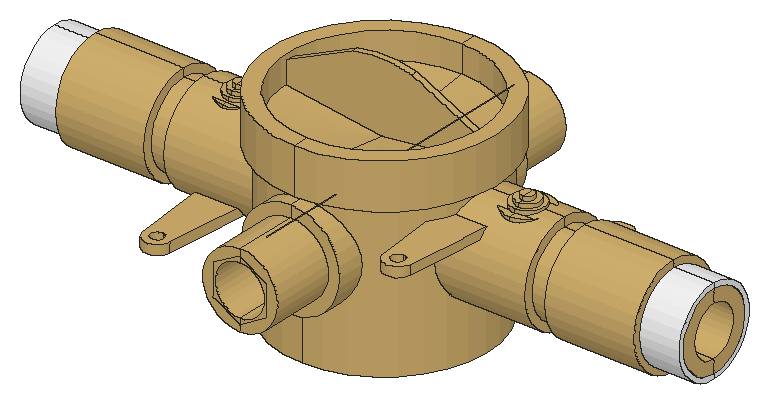
Revit family "Pressure_Balance_Rough_Valve-GROHE-35114000", category Plumbing Fixtures, host Face, Revit 2016
Family settings
  Host = Face
  Part Type = Normal
  Round Connector Dimension = Use Diameter
  OmniClass Number = 23.45.05.14.17
  OmniClass Title = Showers
  Cut with Voids When Loaded = Yes
  Shared = Yes
  Room Calculation Point = No
Parameters (values of type "GROHSAFE 3.0 - 35114000 1/2" NPT Outlet")
  Water Connection Diameter = 1/2"  # constant formula
  Waste Connection = no
  Warranty Information = ""
  WFU = 4  # constant formula
  Vent Connection = no
  URL = "www.grohe.ca"
  Type Comments = ""
  Specification = " 1/2in CPVC inlets; 1/2in Universal outlets; Includes plug for 3-port installation; Universal connection is 1/2” male threads by copper sweat; Flush plug included; Can be tested using flush plug with air (200 psi) or water 300 psi; Made of DZR Brass; Service stops; Cartridge ships with the trim"  # constant formula
  Shower Outlet To Spout Outlet Width = 3 5/8"  # constant formula
  ScrewDriver Stop = yes
  Product Page URL = ""
  Product Documentation Link = ""
  Price = "Prices may vary. Please consult Manufacturer Representative for most up-to-date price list."  # constant formula
  Plaster Guard = yes
  Outlet to Wall = 2"
  Outlet to Outlet = 3 5/8"
  Outlet To Center = Shower Outlet To Spout Outlet Width / 2  # 1 13/16"
  Model = "35114000"  # constant formula
  Material = "DZR_Brass-Grohe"
  Manufacturer = "Grohe"  # constant formula
  Installation Type = "Wall Mounted"  # constant formula
  Inlet to Wall = 1"
  Inlet To Center = Hot Inlet To Cold Inlet Width / 2  # 3 5/16"
  Hot Inlet To Cold Inlet Width = 6 5/8"
  HWFU = 3  # constant formula
  HW Connection = yes
  Finish = DZR_Brass-Grohe
  Description = "Pressure Balance Valve Rough with CPVC with Service Stops"  # constant formula
  Dept From Wall Face To Outlet = if(Outlet to Wall < 1 3/4", 1 3/4", if(Outlet to Wall > 2 3/4", 2 3/4", Outlet to Wall))  # 2"
  Dept From Wall Face To COFC = if(Inlet to Wall < 7/8", 7/8", if(Inlet to Wall > 2", 2", Inlet to Wall))  # 1"
  Default Elevation = 0"  # constant formula
  Creation Date = "03/20/2020"  # constant formula
  Connection Size = 1/2"  # constant formula
  Connection Outlet Description = "1/2\" NPT Connection Outlet"
  Connection HW Inlet Description = "1/2” CPVC Connection Inlet"
  Connection CW Inlet Description = "1/2” CPVC Connection Inlet"
  CWFU = 3  # constant formula
  CW Connection = yes
  Assembly Code = "D2020300"
Types (3): name | Connection Outlet Description
  (no name) | "1/2\" NPT Connection Outlet"
  GROHSAFE 3.0 - 35114000 1/2" Copper Sweat Outlet | "1/2\" Copper Sweat Connection Outlet"
  GROHSAFE 3.0 - 35114000 1/2" NPT Outlet | "1/2\" NPT Connection Outlet"
Reference planes (in)
  plane 1 "Center (Front/Back)": y = -0.625
  plane 2: z = 0
  plane 3 "Center (Left/Right)": x = 0
  plane 4: z = -0.45494
  plane 5: y = -0.59375
  plane 6: y = -0.65625
  plane 7: y = -2.4375
  plane 8: y = 1.1875
  plane 9: z = -2
  plane 10: z = -1
  plane 11: x = 1.03125
  plane 12: x = -1.03125
  plane 13: x = 2.4375
  plane 14: x = -2.4375
  plane 15: z = -1.27344
Forms (in)
  Extrusion 1, solid
    sketch origin (0, 0, 0) x (1, 0, 0) y (0, 1, 0)
      loop
        line (-0.12634, -0.50696) -> (-0.12634, -0.76768) -> (0.16418, -0.76768) -> (0.16418, -0.50696) -> (-0.12634, -0.50696)
    from -0.69087 to -0.7969
  Revolve 2, solid, material "DZR_Brass-Grohe"
    sketch origin (0, 0, 0) x (0, 1, 0) y (0, 0, 1)
      loop
        line (0.40625, -2) -> (0.40625, -0.45494) -> (0.5046, -0.45494) -> (0.5046, 0) -> (0.34375, 0) -> (0.34375, -0.26863) -> (-0.625, -0.39363) -> (-0.625, -0.51744) -> (0.34375, -0.51744) -> (0.34375, -1.9375) -> (-0.625, -1.9375) -> (-0.625, -2) -> (0.40625, -2)
      axis (-0.625, 0) -> (-0.625, -2)
    angle from 0 to 360
  Extrusion 3, solid, material "DZR_Brass-Grohe"
    sketch origin (0, 1.1875, -0.69922) x (0, 1, 0) y (-1, 0, 0)
      loop
        line (-0.63558, 1.20343) -> (-1.8125, 1.31847) -> (-1.8125, 0.81724) -> (-0.63558, 0.93227)
        arc (-0.63558, 0.93227) -> (-0.5126, 1.06785) -> (-0.63558, 1.20343) r 0.13623
      loop
        circle (-0.64883, 1.06785) r 0.06518
      loop
        line (-2.98942, -1.20343) -> (-1.8125, -1.31847) -> (-1.8125, -0.81724) -> (-2.98942, -0.93227)
        arc (-2.98942, -0.93227) -> (-3.1124, -1.06785) -> (-2.98942, -1.20343) r 0.13623
      loop
        circle (-2.97617, -1.06785) r 0.06518
    from -0.01953 to 0.07575
  Extrusion 4, solid, material "DZR_Brass-Grohe", visible <- "Plaster Guard"
    sketch origin (0, -5.06165, -1.98606) x (0, -1, 0) y (1, 0, 0)
      loop
        arc (-3.25973, -1.48468) -> (-3.13676, -1.3491) -> (-3.25973, -1.21352) r 0.13623
        line (-3.25973, -1.21352) -> (-4.43665, -1.09849) -> (-4.43665, -1.59972) -> (-3.25973, -1.48468)
      loop
        circle (-3.27298, -1.3491) r 0.06518
      loop
        arc (-5.61357, 1.54718) -> (-5.73655, 1.4116) -> (-5.61357, 1.27602) r 0.13623
        line (-5.61357, 1.27602) -> (-4.43665, 1.16099) -> (-4.43665, 1.66222) -> (-5.61357, 1.54718)
      loop
        circle (-5.60032, 1.4116) r 0.06518
    from 0.61857 to 0.71262
  Extrusion 5, solid, material "DZR_Brass-Grohe"
    sketch origin (0, -0.625, 0) x (1, 0, 0) y (0, 0, 1)
      loop
        line (1.06785, -0.45494) -> (1.06785, -0.09479) -> (0.29629, 0.26499)
        arc (0.29629, 0.26499) -> (0, 0.30738) -> (-0.29629, 0.26499) r 1.05669
        line (-0.29629, 0.26499) -> (-1.06785, -0.09479) -> (-1.06785, -0.45494) -> (1.06785, -0.45494)
    from -0.03125 to 0.03125
  Revolve 6, solid, material "DZR_Brass-Grohe", visible <- "ScrewDriver Stop"
    sketch origin (-1.44285, -0.65886, 48.30811) x (0, -1, 0) y (0, 0, 1)
      loop
        line (-0.03386, -48.93159) -> (0.19474, -48.93159) -> (0.19474, -48.84071) -> (0.12322, -48.84071) -> (0.12322, -48.80071) -> (0.07947, -48.80071) -> (0.07947, -48.76585) -> (0.03078, -48.76585) -> (0.03078, -48.7303) -> (-0.03386, -48.7303) -> (-0.03386, -48.93159)
      axis (-0.03386, -48.93159) -> (-0.03386, -48.7303)
    angle from 0 to 360
  Revolve 7, solid, material "DZR_Brass-Grohe", visible <- "ScrewDriver Stop"
    sketch origin (1.44285, 2.2913, 48) x (0, 1, 0) y (0, 0, 1)
      loop
        line (-2.9163, -48.62347) -> (-2.9163, -48.41325) -> (-2.98094, -48.41325) -> (-2.98094, -48.4488) -> (-3.03483, -48.4488) -> (-3.03483, -48.48367) -> (-3.07858, -48.48367) -> (-3.07858, -48.52367) -> (-3.1501, -48.52367) -> (-3.1501, -48.62347) -> (-2.9163, -48.62347)
      axis (-2.9163, -48.62347) -> (-2.9163, -48.41325)
    angle from 0 to 360
  Revolve 8, solid, material "DZR_Brass-Grohe"
    sketch origin (0, -0.625, 0) x (1, 0, 0) y (0, 0, 1)
      loop
        line (3.3125, -0.75) -> (3.3125, -0.61818) -> (2.9049, -0.61818) -> (2.9049, -0.5) -> (2.01583, -0.5) -> (2.01583, -0.58459) -> (1.8125, -0.58459) -> (1.8125, -0.5) -> (-1.8125, -0.5) -> (-1.8125, -0.58459) -> (-2.01583, -0.58459) -> (-2.01583, -0.5) -> (-2.9049, -0.5) -> (-2.9049, -0.61818) -> (-3.3125, -0.61818) -> (-3.3125, -0.75) -> (3.3125, -0.75)
      axis (3.3125, -1) -> (-3.3125, -1)
    angle from 0 to 360
  Revolve 9, solid, material "DZR_Brass-Grohe"
    sketch origin (0, -0.625, 0) x (0, 1, 0) y (0, 0, 1)
      loop
        line (1.8125, -0.75) -> (1.8125, -0.6875) -> (1.8125, -0.625) -> (1.17692, -0.625) -> (1.17692, -0.50765) -> (-1.17692, -0.50765) -> (-1.17692, -0.625) -> (-1.8125, -0.625) -> (-1.8125, -0.6875) -> (-1.8125, -0.75) -> (1.8125, -0.75)
      axis (1.8125, -1) -> (-1.8125, -1)
    angle from 0 to 360
  Extrusion 10, void
    sketch origin (0, 1.1875, -0.72266) x (0, 1, 0) y (-1, 0, 0)
      loop
        circle (-1.8125, 0) r 2
    from -2.58468 to 0.72266
  Revolve 11, solid, material "PVC"
    sketch origin (0, -0.625, 0) x (1, 0, 0) y (0, 0, 1)
      loop
        line (-2.9049, -0.56682) -> (-3.3125, -0.56682) -> (-3.3125, -0.61818) -> (-2.9049, -0.61818) -> (-2.9049, -0.56682)
      axis (-3.3125, -1) -> (-2.9049, -1)
    angle from 0 to 360
  Revolve 12, solid, material "PVC"
    sketch origin (0, -0.625, 0) x (-1, 0, 0) y (0, 0, 1)
      loop
        line (-2.9049, -0.56682) -> (-3.3125, -0.56682) -> (-3.3125, -0.61818) -> (-2.9049, -0.61818) -> (-2.9049, -0.56682)
      axis (-3.3125, -1) -> (-2.9049, -1)
    angle from 0 to 360
Cuts and joins
  joined: Extrusion 3, Extrusion 5
Lines and regions (in)
  Masking region 1
    outline origin (0, 0, 0) x (0, 1, 0) y (0, 0, 1)
      loop
        line (0.5046, 0) -> (-0.59375, 0) -> (-0.59375, 0.30738) -> (-0.65625, 0.30738) -> (-0.65625, 0) -> (-1.7546, 0) -> (-1.7546, -0.45494) -> (-1.65625, -0.45494) -> (-1.65625, -0.50448) -> (-1.80192, -0.50448) -> (-1.80192, -0.62347) -> (-2.4375, -0.62347) -> (-2.4375, -0.6875) -> (-2.4375, -1.30469) -> (-2.4375, -1.36749) -> (-1.80192, -1.36749) -> (-1.80192, -1.49235) -> (-1.65625, -1.49235) -> (-1.65625, -2) -> (0.40625, -2) -> (0.40625, -1.49235) -> (0.55192, -1.49235) -> (0.55192, -1.36749) -> (1.1875, -1.36749) -> (1.1875, -1.30469) -> (1.1875, -0.6875) -> (1.1875, -0.62347) -> (0.55192, -0.62347) -> (0.55192, -0.50686) -> (0.40625, -0.50686) -> (0.40625, -0.45494) -> (0.5046, -0.45494) -> (0.5046, 0)
  Masking region 2
    outline origin (0, -0.625, 0) x (1, 0, 0) y (0, 0, 1)
      loop
        arc (0.29629, 0.26499) -> (0, 0.30738) -> (-0.29629, 0.26499) r 1.05669
        line (-0.29629, 0.26499) -> (-0.86457, 0) -> (-1.1296, 0) -> (-1.1296, -0.45494) -> (-1.03125, -0.45494) -> (-1.03125, -0.50027) -> (-1.23806, -0.50027) -> (-1.23806, -0.36738) -> (-1.63583, -0.36738) -> (-1.63583, -0.50027) -> (-1.8125, -0.50027) -> (-1.8125, -0.58245) -> (-2.01583, -0.58245) -> (-2.01583, -0.5) -> (-2.9049, -0.5) -> (-2.9049, -0.56682) -> (-3.3125, -0.56682) -> (-3.3125, -1.43318) -> (-2.9049, -1.43318) -> (-2.9049, -1.5) -> (-2.01583, -1.5) -> (-2.01583, -1.41755) -> (-1.8125, -1.41755) -> (-1.8125, -1.49973) -> (-1.03125, -1.49973) -> (-1.03125, -2) -> (1.03125, -2) -> (1.03125, -1.49973) -> (1.8125, -1.49973) -> (1.8125, -1.41755) -> (2.01583, -1.41755) -> (2.01583, -1.5) -> (2.9049, -1.5) -> (2.9049, -1.43318) -> (3.3125, -1.43318) -> (3.3125, -0.56682) -> (2.9049, -0.56682) -> (2.9049, -0.5) -> (2.01583, -0.5) -> (2.01583, -0.58245) -> (1.8125, -0.58245) -> (1.8125, -0.50027) -> (1.63583, -0.50027) -> (1.63583, -0.36738) -> (1.23806, -0.36738) -> (1.23806, -0.50027) -> (1.03125, -0.50027) -> (1.03125, -0.45494) -> (1.1296, -0.45494) -> (1.1296, 0) -> (0.86457, 0) -> (0.29629, 0.26499)
  symbolic lines, detail levels fine
    curve 1: line (0.86457, -0.625, 0) -> (-0.86457, -0.625, 0)
    curve 2: line (1.1296, -0.625, -0.45494) -> (0, -0.625, -0.45494)
    curve 3: line (0, -0.625, -0.45494) -> (-1.1296, -0.625, -0.45494)
    curve 4: circle (0, -0.625, -1) r 0.3125 normal (0, -1, 0)
    curve 5: circle (0, -0.625, -1) r 0.25 normal (0, -1, 0)
    curve 6: circle (0, -0.625, -1) r 0.375 normal (0, -1, 0)
    curve 7: line (0, 0.5046, -0.45494) -> (0, -1.7546, -0.45494)
    curve 8: circle (0, -0.625, -1) r 0.41541 normal (-1, 0, 0)
    curve 9: arc (0, -0.625, -0.75) -> (0, -0.375, -1) -> (0, -0.625, -1.25) r 0.25
    curve 10: circle (0, -0.625, -1) r 0.5 normal (-1, 0, 0)
    curve 11: circle (0, -0.625, -1) r 0.25 normal (-1, 0, 0)
    curve 12: line (-2.9049, -0.625, -0.5) -> (-2.9049, -0.625, -1.5)
    curve 13: line (2.9049, -0.625, -0.5) -> (2.9049, -0.625, -1.5)
    curve 14: line (2.01583, -0.625, -0.5) -> (2.01583, -0.625, -1.5)
    curve 15: line (-1.8125, -0.625, -0.5) -> (-1.8125, -0.625, -1.5)
    curve 16: line (1.8125, -0.625, -0.5) -> (1.8125, -0.625, -1.5)
    curve 17: line (-2.01583, -0.625, -0.5) -> (-2.01583, -0.625, -1.5)
Dimensions and locks (in)
  locked: Revolve 2 sketch curve to Revolve 2 sketch curve at 0.0625
  locked: cut or joined group of Extrusion 3, Extrusion 5 to cut or joined group of Extrusion 3, Extrusion 5 at 0.09528
  locked: Extrusion 4 to Extrusion 4 at 0.09405
  plane 4 to level = 0.45494"
  Revolve 7 sketch curve to Revolve 7 sketch curve to Revolve 7 sketch curve to Revolve 7 sketch curve to Revolve 7 sketch curve = 0.03555" locked, 0.03486" locked, 0.04" locked, 0.0998" locked
  Revolve 7 sketch curve to Revolve 7 sketch curve to Revolve 7 sketch curve to Revolve 7 sketch curve to Revolve 7 sketch curve = 0.06464" locked, 0.0539" locked, 0.04375" locked, 0.07151" locked
  Revolve 2 sketch curve to Revolve 2 sketch curve to Revolve 2 sketch curve to plane 1 "Center (Front/Back)" = 0.09835" locked, 1/16" locked, 31/32" locked
  Revolve 2 sketch curve to Revolve 2 sketch curve to Revolve 2 sketch curve = 1/16" locked, 0.45494"
  equal spacing: plane 8, plane 1 "Center (Front/Back)", plane 7
  "Dept From Wall Face To Outlet": level to plane 9
  "Dept From Wall Face To COFC": level to plane 10
  level to plane 10 = 1"
  plane 6 to plane 7 = 1 25/32"
  Extrusion 4 to Extrusion 4 = 0.09405"
  Revolve 7 sketch curve to Revolve 7 sketch curve = 0.21022"
  plane 10 to plane 15 = 35/128"  (x2)
  locked: cut or joined group of Extrusion 3, Extrusion 5 to plane 10 at 0.28125
  "Hot Inlet To Cold Inlet Width": Revolve 8 sketch curve to Revolve 8 sketch curve
  equal spacing: Revolve 8 sketch curve, plane 3 "Center (Left/Right)", Revolve 8 sketch curve
  "Outlet to Outlet": Revolve 9 sketch curve to Revolve 9 sketch curve
  locked: Revolve 8 sketch curve to Revolve 8 sketch curve at 0.25
  locked: Revolve 8 sketch curve to Revolve 8 sketch curve at 0.16541
  equal spacing: Revolve 9 sketch curve, plane 1 "Center (Front/Back)", Revolve 9 sketch curve
  Revolve 9 sketch curve to Revolve 9 sketch curve to Revolve 9 sketch curve = 1/8" locked, 0.11735" locked
  Revolve 6 sketch curve to Revolve 6 sketch curve to Revolve 6 sketch curve to Revolve 6 sketch curve = 0.03555" locked, 0.03486" locked, 0.04" locked
  Revolve 6 sketch curve to Revolve 6 sketch curve to Revolve 6 sketch curve to Revolve 6 sketch curve to Revolve 6 sketch curve = 0.06464" locked, 0.04869", 0.04375" locked, 0.07151" locked
  locked: Revolve 8 sketch curve to Revolve 8 sketch curve at 0.13182
  locked: Revolve 11 sketch curve to Revolve 8 at 0.4076
  locked: Revolve 8 to Revolve 12 sketch curve at 0.4076
  aligned and locked: plane 1 "Center (Front/Back)" to Revolve 2 sketch curve
  aligned and locked: Revolve 2 sketch curve to plane 1 "Center (Front/Back)"  (x2)
  aligned and locked: plane 1 "Center (Front/Back)" to Extrusion 3 sketch curve
  aligned and locked: Extrusion 5 to plane 5
  aligned and locked: Revolve 2 sketch curve to Revolve 2 sketch curve
  aligned and locked: Revolve 2 to curve 1
  aligned and locked: plane 10 to Revolve 8 sketch curve
  aligned and locked: Revolve 9 sketch curve to plane 10
  aligned and locked: Revolve 2 sketch curve to plane 9
  aligned and locked: plane 7 to Revolve 9 sketch curve
  aligned and locked: plane 4 to Revolve 2 sketch curve
  aligned and locked: Extrusion 4 to plane 15
  aligned and locked: level to Extrusion 10
  aligned and locked: curve 5 to Revolve 9
  aligned and locked: curve 6 to Revolve 9
  aligned and locked: Masking region 1 sketch curve to Revolve 2  (x7)
  aligned and locked: Masking region 1 sketch curve to Revolve 9  (x4)
  aligned and locked: Masking region 1 sketch curve to cut or joined group of Extrusion 3, Extrusion 5
  aligned and locked: Masking region 1 sketch curve to Extrusion 4
  aligned and locked: curve 7 to Revolve 2
  aligned and locked: curve 8 to Revolve 8
  aligned and locked: curve 9 to Revolve 8
  aligned and locked: curve 10 to Revolve 8
  aligned and locked: Revolve 8 sketch curve to Revolve 8 sketch curve  (x4)
  aligned and locked: Revolve 9 sketch curve to Revolve 9 sketch curve
  aligned and locked: Revolve 7 sketch curve to cut or joined group of Extrusion 3, Extrusion 5
  aligned and locked: Revolve 8 to Revolve 11 sketch curve
  aligned and locked: Revolve 11 sketch curve to plane 10
  aligned and locked: Revolve 8 to Revolve 11
  aligned and locked: Revolve 8 to Revolve 12
  aligned and locked: Masking region 2 sketch curve to cut or joined group of Extrusion 3, Extrusion 5  (x2)
  aligned and locked: cut or joined group of Extrusion 3, Extrusion 5 to Masking region 2 sketch curve
  aligned and locked: Revolve 8 to Masking region 2 sketch curve
  aligned and locked: Masking region 2 sketch curve to Revolve 8
  aligned and locked: Masking region 2 sketch curve to Revolve 12
  aligned and locked: Masking region 2 sketch curve to Revolve 2
  aligned and locked: curve 12 to Revolve 8
  aligned and locked: curve 13 to Revolve 8
  aligned and locked: curve 14 to Revolve 8
  aligned and locked: curve 15 to Revolve 8
  aligned and locked: curve 16 to Revolve 8
  aligned and locked: curve 17 to Revolve 8
  aligned and locked: Masking region 2 to Revolve 8
  aligned and locked: Revolve 8 to Masking region 2
  aligned and locked: Masking region 2 to Revolve 11
Automatic sketch dimensions
  curve 8 to curve 11 = 0"  (x2)
  plane 7 to curve 7 = 0.6829"
  curve 7 to plane 8 = 0.6829"
  curve 4 to curve 5 = 0"  (x2)
  curve 3 to plane 4 = 0"
  curve 1 to level = 0"
  curve 3 to plane 3 "Center (Left/Right)" = 0"
  curve 1 to plane 12 = 0.16668"
  plane 12 to curve 3 = 0.09835"
  plane 11 to curve 1 = 0.16668"
  curve 2 to plane 11 = 0.09835"
  Extrusion 1 sketch curve to Extrusion 1 sketch curve = 0.29052"
  Extrusion 1 sketch curve to Extrusion 1 sketch curve = 0.26072"
  plane 4 to Revolve 2 sketch curve = 0.06131"
  plane 4 to Revolve 2 sketch curve = 0.18631"
  level to Revolve 2 sketch curve = 0.24949"
  Revolve 2 sketch curve to Revolve 2 sketch curve = 0.17262"
  Extrusion 3 sketch curve to Extrusion 3 sketch curve = 0"  (x4)
  plane 1 "Center (Front/Back)" to Extrusion 3 sketch curve = 0"
  Extrusion 3 sketch curve to plane 11 = 0.0366"
  plane 7 to Extrusion 3 sketch curve = 0.64883"
  Extrusion 3 sketch curve to plane 11 = 0.17218"
  Extrusion 3 sketch curve to Extrusion 3 sketch curve = 0.01325"  (x2)
  plane 11 to Extrusion 3 sketch curve = 0.09898"
  plane 12 to Extrusion 3 sketch curve = 0.0366"
  Extrusion 3 sketch curve to plane 8 = 0.64883"
  plane 12 to Extrusion 3 sketch curve = 0.17218"
  Extrusion 3 sketch curve to plane 12 = 0.09898"
  Extrusion 3 sketch curve to plane 11 = 0.28722"
  plane 11 to Extrusion 3 sketch curve = 0.21401"
  Extrusion 3 sketch curve to plane 12 = 0.21401"
  plane 12 to Extrusion 3 sketch curve = 0.28722"
  Extrusion 4 sketch curve to Extrusion 4 sketch curve = 0"  (x4)
  plane 1 "Center (Front/Back)" to Extrusion 4 sketch curve = 0"  (x2)
  Extrusion 4 sketch curve to plane 8 = 0.64883"
  Extrusion 4 sketch curve to Extrusion 4 sketch curve = 0.01325"  (x4)
  Extrusion 4 sketch curve to plane 11 = 0.24477"
  plane 12 to Extrusion 4 sketch curve = 0.31785"
  plane 7 to Extrusion 4 sketch curve = 0.64883"
  plane 12 to Extrusion 4 sketch curve = 0.18227"
  plane 12 to Extrusion 4 sketch curve = 0.56847"
  plane 12 to Extrusion 4 sketch curve = 0.06724"
  Extrusion 4 sketch curve to plane 11 = 0.12974"
  Extrusion 4 sketch curve to Extrusion 4 sketch curve = 0.13558"
  Extrusion 4 sketch curve to Extrusion 4 sketch curve = 0.50123"
  Extrusion 5 sketch curve to plane 4 = 0"
  Extrusion 5 sketch curve to plane 3 "Center (Left/Right)" = 0"
  Extrusion 5 sketch curve to plane 3 "Center (Left/Right)" = 0.29629"
  plane 12 to Extrusion 5 sketch curve = 0.0366"
  plane 3 "Center (Left/Right)" to Extrusion 5 sketch curve = 0.29629"
  Extrusion 5 sketch curve to plane 11 = 0.0366"
  plane 10 to Extrusion 5 sketch curve = 0.25069"
  Extrusion 5 sketch curve to level = 0.09479"  (x2)
  level to Extrusion 5 sketch curve = 0.26499"
  Revolve 6 sketch curve to plane 1 "Center (Front/Back)" = 0"  (x2)
  Revolve 6 sketch curve to plane 4 = 0.16854"
  Revolve 6 sketch curve to plane 4 = 0.07766"
  Revolve 6 sketch curve to level = 0.16986"
  Revolve 6 sketch curve to Revolve 6 sketch curve = 0.0443"
  Revolve 7 sketch curve to plane 1 "Center (Front/Back)" = 0"  (x2)
  Revolve 7 sketch curve to plane 4 = 0.02304"
  Revolve 7 sketch curve to Revolve 7 sketch curve = 0.02042"
  plane 1 "Center (Front/Back)" to Extrusion 10 sketch curve = 0"
  Extrusion 10 sketch curve to plane 3 "Center (Left/Right)" = 0"
  Revolve 11 sketch curve to plane 4 = 0.16324"
  Revolve 11 sketch curve to Revolve 11 sketch curve = 0.05136"
  Revolve 11 sketch curve to plane 14 = 0.07393"
  Revolve 11 sketch curve to Revolve 11 sketch curve = 0.15689"
  Revolve 12 sketch curve to plane 10 = 0"
  plane 4 to Revolve 12 sketch curve = 0.11188"
  Revolve 12 sketch curve to Revolve 12 sketch curve = 0.4076"
  Revolve 12 sketch curve to Revolve 12 sketch curve = 0.05136"
  Revolve 12 sketch curve to plane 13 = 0.07393"
  Revolve 12 sketch curve to Revolve 12 sketch curve = 0.15689"
  curve 12 to plane 15 = 29/128"
  curve 12 to plane 4 = 0.04506"
  curve 13 to plane 15 = 29/128"
  curve 13 to plane 4 = 0.04506"
  curve 14 to plane 15 = 29/128"
  curve 14 to plane 4 = 0.04506"
  curve 15 to plane 15 = 29/128"
  curve 15 to plane 4 = 0.04506"
  curve 16 to curve 14 = 0"
  curve 16 to plane 4 = 0.04506"
  curve 17 to curve 15 = 0"
  curve 17 to plane 4 = 0.04506"
  Masking region 2 sketch curve to plane 4 = 0"  (x2)
  Masking region 2 sketch curve to level = 0"  (x2)
  plane 12 to Masking region 2 sketch curve = 0"  (x2)
  plane 11 to Masking region 2 sketch curve = 0"  (x2)
  plane 12 to Masking region 2 sketch curve = 0.09835"
  Masking region 2 sketch curve to plane 4 = 0.04533"  (x4)
  Masking region 2 sketch curve to Masking region 2 sketch curve = 0.10847"  (x2)
  plane 4 to Masking region 2 sketch curve = 0.08756"  (x2)
  Masking region 2 sketch curve to Masking region 2 sketch curve = 0.39777"
  Masking region 2 sketch curve to plane 15 = 0.14411"  (x2)
  Masking region 2 sketch curve to plane 14 = 5/8"
  Masking region 2 sketch curve to Masking region 2 sketch curve = 0.17667"  (x2)
  Masking region 2 sketch curve to plane 4 = 0.04506"  (x2)
  Masking region 2 sketch curve to Masking region 2 sketch curve = 0.20333"  (x3)
  Masking region 2 sketch curve to plane 4 = 0.11188"
  plane 14 to Masking region 2 sketch curve = 0.4674"  (x2)
  Masking region 2 sketch curve to plane 15 = 29/128"
  Masking region 2 sketch curve to Masking region 2 sketch curve = 0.4076"  (x3)
  Masking region 2 sketch curve to plane 11 = 0.09835"
  plane 13 to Masking region 2 sketch curve = 5/8"
  Masking region 2 sketch curve to plane 15 = 0.15975"
  Masking region 2 sketch curve to Masking region 2 sketch curve = 0.06682"  (x3)
  Masking region 2 sketch curve to plane 15 = 0.2263"  (x2)
  Masking region 2 sketch curve to Masking region 2 sketch curve = 0.08245"  (x2)
  Revolve 8 sketch curve to plane 4 = 0.16324"
  Revolve 8 sketch curve to Revolve 8 sketch curve = 0.4076"  (x2)
  Revolve 8 sketch curve to plane 14 = 0.42167"
  Revolve 8 sketch curve to Revolve 8 sketch curve = 0.20333"  (x2)
  plane 13 to Revolve 8 sketch curve = 5/8"
  Revolve 8 sketch curve to Revolve 8 sketch curve = 0.03496"
  plane 14 to Revolve 8 sketch curve = 0.01756"
  Revolve 9 sketch curve to plane 7 = 0"
  Revolve 9 sketch curve to plane 8 = 0"
  Revolve 9 sketch curve to plane 4 = 0.17006"
  Revolve 9 sketch curve to Revolve 9 sketch curve = 0.63558"
  Revolve 9 sketch curve to plane 7 = 0.01756"
  Revolve 9 sketch curve to Revolve 9 sketch curve = 0.44748"
  Revolve 9 sketch curve to Revolve 9 sketch curve = 1/16"  (x2)
  Revolve 9 sketch curve to Revolve 9 sketch curve = 0"  (x2)
  Masking region 1 sketch curve to plane 7 = 0"
  Masking region 1 sketch curve to plane 6 = 0"
  Masking region 1 sketch curve to plane 5 = 0"
  Masking region 1 sketch curve to plane 8 = 0"
  Masking region 1 sketch curve to plane 4 = 0"
  Masking region 1 sketch curve to level = 0"
  Masking region 1 sketch curve to Masking region 1 sketch curve = 0.04732"  (x2)
  Masking region 1 sketch curve to plane 15 = 0.21891"  (x2)
  plane 7 to Masking region 1 sketch curve = 0.63558"
  Masking region 1 sketch curve to Masking region 1 sketch curve = 0.14567"  (x2)
  Masking region 1 sketch curve to Masking region 1 sketch curve = 25/32"
  Masking region 1 sketch curve to plane 4 = 0.16854"
  Masking region 1 sketch curve to plane 4 = 0.05192"
  Masking region 1 sketch curve to Masking region 1 sketch curve = 0.04955"
  Masking region 1 sketch curve to Masking region 1 sketch curve = 0.30738"
  Masking region 1 sketch curve to Masking region 1 sketch curve = 0.12486"
  Masking region 1 sketch curve to plane 15 = 1/32"  (x2)
  Masking region 1 sketch curve to Masking region 1 sketch curve = 0"  (x4)
  Masking region 1 sketch curve to Masking region 1 sketch curve = 0.06403"  (x2)
  radius of curve 11 = 1/4"
  radius of curve 4 = 5/16"
  radius of Extrusion 3 sketch curve = 0.06518"  (x2)
  radius of Extrusion 4 sketch curve = 0.06518"  (x2)
  radius of Extrusion 10 sketch curve = 2"
Connectors (in)
  piping at (0, -2.4375, -1), diameter 0.5, driven by "Connection Outlet Description", driven by "Connection Size"
    settings: on Revolve 9, index 1, connector inside diameter 24", connector length 0", flow factor 0, pipe flow 0 GPM, pressure drop 0.00 psi, fitting loss kfactor 0, connector angle 0.00°, fixture units 0, engagement length 0", angle of deflection 0.00°, flow configuration 2, flow direction 2, fitting loss method 0, system type 7, joint type 0, gender type 0, connector reference index -1, connector utility 0, adjustable connector no, is connector primary yes, connector description "1/2\" NPT Connection Outlet"
  piping at (0, 1.1875, -1), diameter 0.5, driven by "Connection Outlet Description", driven by "Connection Size"
    settings: on Revolve 9, index 2, connector inside diameter 24", connector length 0", flow factor 0, pipe flow 0 GPM, pressure drop 0.00 psi, fitting loss kfactor 0, connector angle 0.00°, fixture units 0, engagement length 0", angle of deflection 0.00°, flow configuration 2, flow direction 2, fitting loss method 0, system type 7, joint type 0, gender type 0, connector reference index -1, connector utility 0, adjustable connector no, is connector primary no, connector description "1/2\" NPT Connection Outlet"
  piping at (-3.3125, -0.625, -1), diameter 0.5, driven by "Connection HW Inlet Description", driven by "Connection Size"
    settings: on Revolve 8, index 3, connector inside diameter 24", connector length 0", flow factor 0, pipe flow 0 GPM, pressure drop 0.00 psi, fitting loss kfactor 0, connector angle 0.00°, fixture units 0, engagement length 0", angle of deflection 0.00°, flow configuration 2, flow direction 1, fitting loss method 0, system type 19, joint type 0, gender type 0, connector reference index -1, connector utility 0, adjustable connector no, is connector primary no, connector description "1/2” CPVC Connection Inlet"
  piping at (3.3125, -0.625, -1), diameter 0.5, driven by "Connection CW Inlet Description", driven by "Connection Size"
    settings: on Revolve 8, index 4, connector inside diameter 24", connector length 0", flow factor 0, pipe flow 0 GPM, pressure drop 0.00 psi, fitting loss kfactor 0, connector angle 0.00°, fixture units 0, engagement length 0", angle of deflection 0.00°, flow configuration 2, flow direction 1, fitting loss method 0, system type 20, joint type 0, gender type 0, connector reference index -1, connector utility 0, adjustable connector no, is connector primary no, connector description "1/2” CPVC Connection Inlet"
